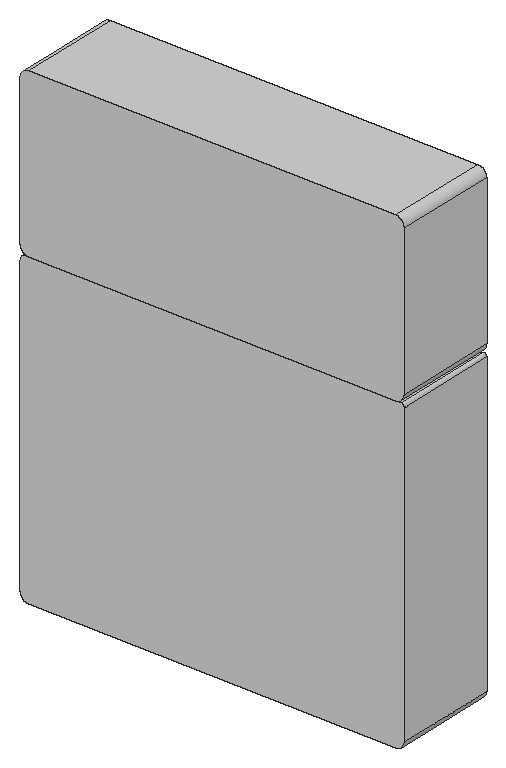
Revit family "Building-IEC309Boards-GEWISS-68QDIN-DISTRIBUTION-BOARD-20MOD_3SOCKET-OUTLETS_IB_VERT", category Attrezzatura elettrica, host Muro, Revit 2016
Family settings
  Host = Muro
  Configurazione quadro = Due colonne, circuiti in orizzontale
  Tipo di parte = Pannello comandi
  Quota connettore circolare = Usa diametro
  Numero OmniClass = 23.80.30.11.17
  Titolo OmniClass = Distribution Boards and Control Panels
  Sempre verticale = Sì
  Taglio con vuoti quando caricato = No
  Condiviso = No
  Punto di calcolo locali = No
Parameters (values of type "GW68022N - Q-DIN 20M 1S.O.BL.63A2S.O.BL.16/32A IP65")
  potenza = 400 V
  Working temperature = "-25 ÷ +40 °C"
  Voltaggio = "400V"
  Vista di pianta [instance] = yes
  Vetro = GEWISS - vetro
  Version type = "Empty"
  Version file RFA = "18.0"
  URL = "https://www.gewiss.com/ww/en"
  Thermo-pressure with ball = "70 °C"
  Technical sheet = "https://www.gewiss.com/ww/en/search?q=GW68022N"
  Struttura = GEWISS - Grigio RAL - 7035
  Simbolo Acceso [instance] = yes
  Shock resistance = "IK08"
  SEO = "Board"
  Realized by GEWISS S.p.A. = ""
  Produttore = "GEWISS S.p.A."
  Presa = GEWISS - Grigio RAL - 7035
  Operating temperature: = "-25 +40 °C"
  Offset etichetta nome quadro [instance] = 125 mm
  Numero di poli = 3
  Panel Name [instance] = "NOME"
  No. of provided blank lids = "1 IB 16/32A"
  No. of modules EN 50022 = "20"
  No. of blank lids supplied = "1 IB 16/32A"
  No. IB socket-outlets houseable = "1 IB Vert. 63A IP67 + 2 IB Vert. 16/32A IP67"
  Modello = "GW68022N"
  Lunghezza = 450 mm
  Insulation class = "II"
  Installation type = "Surface-mounting"
  Immagine tipo = GW68022N.jpg
  IP degree = "IP65"
  IFC.TypeObject = ""
  IFC.ExportType = ""
  IFC.ExportAs = ""
  IDT = "c5faa6ce-0638-4a66-bbf1-3e08dc7c6100"
  IDF = "0a978d39-9037-424a-8be2-c3a2fb2c057e"
  Houseable socket = "1 IB Vert. 63A IP67 + 2 IB Vert. 16/32A IP67"
  H_da terra = 1200 mm
  Glow Wire Test = "650°C"
  Electrocod = "2242"
  ETICHETTA NOME QUADRO [instance] = yes
  EAN code = "8011564744899"
  Distanza orizzontale del simbolo [instance] = 0 mm
  Distanza dal muro [instance] = 0 mm
  Dispersible power B (W) = "92"
  Dispersible power A (W) = "30"
  Descrizione = "Q-DIN 20M 1S.O.BL.63A2S.O.BL.16/32A IP65"
  Colour = "Grey RAL 7035"
  Classificazione carico = Altro
  Catalogue Range = "68 QDIN"
  Catalogue = "BUILDING"
  Carico apparente = 0 VA
  Cornice simbolo [instance] = no
  COBie.Tagnumber = ""
  COBie.CreatedOn = ""
  COBie.CreatebBy = ""
  COBie.ComponentRegisterItemID = ""
  COBie.Component.TagNumber = ""
  COBie.Component.Space = ""
  COBie.Component.SerialNumber = ""
  COBie.Component.InstallationDate = ""
  COBie.Component.Description = ""
  COBie.Component.BarCode = ""
  Altezza = 510 mm
  Accordance with Standards = "EN 60208 - EN 60670-1 - IEC 60670-24"
Reference planes
  plane 1 "Muro": y = 0
  plane 2 "Centro (Sinistra/Destra)": x = 125
  plane 3 "Indietro": y = 75
  plane 4: z = 1200
  plane 5: x = 125
  plane 6: y = 200
Lines and regions (mm)
  Masking region 1, visible <- "Vista di pianta"
    outline origin (0, 0, 0) x (1, 0, 0) y (0, 1, 0)
      loop
        line (-100, 175) -> (-100, 75) -> (350, 75) -> (350, 175) -> (-100, 175)
  Masking region 2
    outline origin (125, 0, 0) x (0, 1, 0) y (0, 0, 1)
      loop
        line (75, 1013) -> (175, 1013) -> (175, 1200) -> (75, 1200) -> (75, 1013)
  Masking region 3
    outline origin (125, 0, 0) x (0, 1, 0) y (0, 0, 1)
      loop
        line (75, 641) -> (195, 641) -> (195, 1005.274) -> (75, 1005.274) -> (75, 641)
Text (mm)
  text "Lato posizionamento" at (-1848.837, 1116.779, 0), in view "Livello rif."
  text "Lato posizionamento" at (0, 1409.804, 2854.306), in view "Sinistra"
  text "Lato posizionamento" at (0, 499.811, 2980.732), in view "Destra"
Dimensions and locks
  locked: plane 3 "Indietro" to host wall
  "H_da terra": level to plane 4
  "Offset etichetta nome quadro": host wall to plane 6
  "Distanza orizzontale del simbolo": plane 5 to plane 2 "Centro (Sinistra/Destra)"
  aligned and locked: plane 1 "Muro" to host wall
  aligned and locked: nested 1 to plane 3 "Indietro"
  aligned and locked: plane 4 to nested 1  (x2)
  aligned and locked: nested 2 to plane 6
  aligned and locked: plane 5 to nested 3
  aligned and locked: Masking region 2 sketch curve to nested 1  (x3)
  aligned and locked: nested 1 to Masking region 2 sketch curve
  aligned and locked: Masking region 3 sketch curve to nested 1  (x4)
  aligned and locked: plane 2 "Centro (Sinistra/Destra)" to nested 4
  aligned and locked: nested 1 to plane 2 "Centro (Sinistra/Destra)"
  aligned and locked: Masking region 1 to nested 1  (x2)
  aligned and locked: plane 4 to nested 4
Automatic sketch dimensions
  Masking region 1 sketch curve to host wall = 0 mm
  Masking region 1 sketch curve to plane 2 "Centro (Sinistra/Destra)" = 225 mm
  plane 2 "Centro (Sinistra/Destra)" to Masking region 1 sketch curve = 225 mm
  host wall to Masking region 1 sketch curve = 100 mm
Nested families
  nested 1: "QDIN20 QUADRO  X 3 PRESE IND_BASE" at (125, 75, 54.117) x (-1, 0, 0) z (0, 0, 1), type "QDIN20 QUADRO  X 3 PRESE IND"
  nested 2: "NOME QUADRO" at (125, 200, 0), TXT <- "Panel Name", visible <- "ETICHETTA NOME QUADRO", type "NOME QUADRO"
    with TXT "NOME"
  nested 3: "CENTRALINO" at (125, 116.894, 0), BORDO ACCESO <- "Cornice simbolo", SIMBOLO ACCESO <- "Simbolo Acceso", Distanza dal muro <- "Distanza dal muro", type "CENTRALINO"
    with SIMBOLO ACCESO yes, Distanza dal muro 0 mm, BORDO ACCESO no
  nested 4: "2D - QDIN20 QUADRO DISTRIB X3 PRESE IND" at (125, 0, 640) x (-1, 0, 0) z (0, -1, 0), type "BIDIMENSIONALE"
Connectors
  electrical at (125, 135, 641), driven by "Numero di poli", driven by "Classificazione carico", driven by "potenza", driven by "Carico apparente"
    settings: on nested 1, index 1, voltage 400 V, apparent load 0 VA, apparent load phase1 0 VA, apparent load phase2 0 VA, apparent load phase3 0 VA, power factor 1, load classification "Altro", number of poles 3, system type 31, power factor state 1, is connector primary yes, connector utility no, sub classification motor no, connector description ""
Definition of nested family "QDIN20 QUADRO  X 3 PRESE IND_BASE"
  Parameters (values of type "QDIN20 QUADRO  X 3 PRESE IND_BASE")
    Vetro = none
    Struttura = none
    Spessore = 120 mm
    Default Elevation = 14 mm
    Presa = none
    Lunghezza = 450 mm
    IFC.TypeObject = ""
    IFC.ExportType = ""
    IFC.ExportAs = ""
    H_da terra = 586.883 mm
    COBie.CreatedOn = ""
    COBie.CreatebBy = ""
    COBie.ComponentRegisterItemID = ""
    COBie.Component.TagNumber = ""
    COBie.Component.Space = ""
    COBie.Component.SerialNumber = ""
    COBie.Component.InstallationDate = ""
    COBie.Component.Description = ""
    COBie.Component.BarCode = ""
    Altezza = 559 mm
  Types (2, lengths in mm): name | Spessore
    QDIN20 QUADRO  X 3 PRESE IND_BASE | 120
    QDIN20 QUADRO  X 3 PRESE IND | 160
  Reference planes
    plane 1 "Centro (Fronte/Retro)": y = 0
    plane 2: z = 0
    plane 3 "Centro (Sinistra/Destra)": x = 0
    plane 4 "s": y = -100
    plane 5: z = 586.883
    plane 6: z = 1145.883
    plane 7: x = -225
    plane 8: x = 225
    plane 9: z = 958.883
    plane 10: y = -80.196
    plane 11: x = -222.597
    plane 12: x = 222.589
    plane 13: z = 988.383
    plane 14: z = 1107.347
    plane 15: y = -46.089
    plane 16: y = -87.126
    plane 17: z = 896.746
    plane 18: z = 633.624
    plane 19: x = -208
    plane 20: x = -60
    plane 21: x = 208
    plane 22: x = 105
    plane 23: z = 651.744
    plane 24: z = 871.746
    plane 25: x = 100
    plane 26: x = -3
  Forms (mm)
    Extrusion 1, solid, material <- "Struttura"
      sketch origin (0, 0, 0) x (1, 0, 0) y (0, 0, 1)
        loop
          arc (-215, 1145.883) -> (-222.071, 1142.954) -> (-225, 1135.883) r 10
          line (-225, 1135.883) -> (-225, 961.157)
          arc (-225, 961.157) -> (-222.071, 954.086) -> (-215, 951.157) r 10
          line (-215, 951.157) -> (215, 951.157)
          arc (215, 951.157) -> (222.071, 954.086) -> (225, 961.157) r 10
          line (225, 961.157) -> (225, 1135.883)
          arc (225, 1135.883) -> (222.071, 1142.954) -> (215, 1145.883) r 10
          line (215, 1145.883) -> (-215, 1145.883)
      from 0 to 120
    Extrusion 2, solid, material <- "Struttura"
      sketch origin (0, 0, 0) x (1, 0, 0) y (0, 0, 1)
        loop
          line (217.45, 951.157) -> (-221.38, 951.157)
          arc (-221.38, 951.157) -> (-223.94, 950.097) -> (-225, 947.537) r 3.62
          line (-225, 947.537) -> (-225, 596.883)
          arc (-225, 596.883) -> (-222.071, 589.812) -> (-215, 586.883) r 10
          line (-215, 586.883) -> (215, 586.883)
          arc (215, 586.883) -> (222.071, 589.812) -> (225, 596.883) r 10
          line (225, 596.883) -> (225, 943.606)
          arc (225, 943.606) -> (222.789, 948.945) -> (217.45, 951.157) r 7.55
      from 0 to 120
    Extrusion 3, void
      sketch origin (0, 0, 0) x (1, 0, 0) y (0, 0, 1)
        loop
          line (-222.597, 1107.347) -> (-222.597, 988.383) -> (222.589, 988.383) -> (222.589, 1107.347) -> (-222.597, 1107.347)
      from 46.089 to 120
    Extrusion 4, solid, material <- "Vetro", detail levels fine
      sketch origin (0, 0, 0) x (1, 0, 0) y (0, 0, 1)
        loop
          line (-222.597, 1107.347) -> (-222.597, 988.383) -> (222.589, 988.383) -> (222.589, 1107.347) -> (-222.597, 1107.347)
      from 87.126 to 120.5
    Extrusion 5, solid, material <- "Struttura", detail levels fine
      sketch origin (20, 0, 0) x (1, 0, 0) y (0, 0, 1)
        loop
          line (-213, 633.624) -> (-65, 633.624) -> (-65, 896.746) -> (-213, 896.746) -> (-213, 633.624)
      from 119 to 122
    Extrusion 6, solid, material <- "Struttura", detail levels fine
      sketch origin (-15, 0, 0) x (1, 0, 0) y (0, 0, 1)
        loop
          line (2, 651.744) -> (105, 651.744) -> (105, 871.746) -> (2, 871.746) -> (2, 651.744)
        loop
          line (213, 871.746) -> (110, 871.746) -> (110, 651.744) -> (213, 651.744) -> (213, 871.746)
      from 119 to 122
  Cuts and joins
    Extrusion 3 cuts Extrusion 1
  Dimensions and locks
    plane 4 "s" to plane 1 "Centro (Fronte/Retro)" = 100 mm  (x2)
    "H_da terra": plane 5 to level
    equal spacing: plane 7, plane 3 "Centro (Sinistra/Destra)", plane 8
    "Lunghezza": plane 7 to plane 8
    locked: plane 4 "s" to plane 10 at 19.804
    locked: plane 6 to plane 14 at 38.537
    locked: plane 13 to plane 9 at 29.5
    locked: plane 7 to plane 11 at 2.403
    locked: plane 12 to plane 8 at 2.411
    locked: plane 4 "s" to plane 15 at 53.911
    locked: plane 4 "s" to plane 16 at 12.874
    "Altezza": plane 6 to plane 5
    locked: plane 14 to plane 13 at 118.963
    locked: plane 19 to plane 7 at 17
    locked: plane 21 to plane 8 at 17
    plane 20 to plane 19 = 148 mm
    plane 21 to plane 22 = 103 mm
    plane 5 to Extrusion 6 = 284.863 mm
    aligned and locked: level to plane 2
    aligned and locked: Extrusion 1 sketch curve to plane 6
    aligned and locked: Extrusion 1 sketch curve to plane 8
    aligned and locked: Extrusion 1 sketch curve to plane 7
    aligned and locked: Extrusion 2 sketch curve to plane 8
    aligned and locked: Extrusion 2 sketch curve to plane 7
    aligned and locked: Extrusion 2 sketch curve to plane 5
    aligned and locked: Extrusion 3 sketch curve to plane 14
    aligned and locked: plane 12 to Extrusion 3 sketch curve
    aligned and locked: plane 11 to Extrusion 3 sketch curve
    aligned and locked: Extrusion 3 sketch curve to plane 13
    aligned and locked: plane 15 to cut or joined group of Extrusion 1, Extrusion 3
    aligned and locked: Extrusion 4 sketch curve to plane 14
    aligned and locked: plane 12 to Extrusion 4 sketch curve
    aligned and locked: Extrusion 4 sketch curve to plane 13
    aligned and locked: plane 11 to Extrusion 4 sketch curve
    aligned and locked: plane 16 to Extrusion 4
    aligned and locked: plane 18 to Extrusion 5 sketch curve
    aligned and locked: Extrusion 5 sketch curve to plane 17
    aligned and locked: plane 23 to Extrusion 6 sketch curve  (x2)
    aligned and locked: Extrusion 6 sketch curve to plane 24  (x2)
  Automatic sketch dimensions
    Extrusion 1 sketch curve to Extrusion 1 sketch curve = 10 mm  (x2)
    Extrusion 1 sketch curve to plane 7 = 10 mm
    plane 8 to Extrusion 1 sketch curve = 10 mm
    Extrusion 2 sketch curve to Extrusion 2 sketch curve = 3.62 mm
    Extrusion 2 sketch curve to plane 7 = 10 mm
    Extrusion 2 sketch curve to Extrusion 2 sketch curve = 10 mm
    plane 8 to Extrusion 2 sketch curve = 7.55 mm
    Extrusion 6 sketch curve to plane 22 = 10 mm
    Extrusion 6 sketch curve to plane 21 = 10 mm
    Extrusion 6 sketch curve to Extrusion 6 sketch curve = 5 mm
    plane 20 to Extrusion 5 sketch curve = 15 mm
    Extrusion 6 sketch curve to plane 3 "Centro (Sinistra/Destra)" = 13 mm
    plane 19 to Extrusion 5 sketch curve = 15 mm
    Extrusion 1 sketch curve to plane 9 = 2.274 mm
    plane 9 to Extrusion 2 sketch curve = 15.277 mm
Definition of nested family "NOME QUADRO"
  Parameters (values of type "NOME QUADRO")
    TXT [instance] = ""
  Reference planes
    plane 1: y = 0
    plane 2: x = 0
  Text (mm)
    label "NOME QUADRO" at (0.217, 0.029, 0), shows "TXT"
Definition of nested family "CENTRALINO"
  Parameters (values of type "CENTRALINO")
    SIMBOLO ACCESO [instance] = yes
    Distanza dal muro [instance] = 0 mm
    BORDO ACCESO [instance] = yes
  Reference planes
    plane 1: y = 0
    plane 2: x = 0
  Dimensions and locks
    "Distanza dal muro": plane 1 to nested 1
    aligned and locked: plane 2 to nested 1
  Nested families
    nested 1: "CENTRALINO_BASE" at (0, 0, 0), BORDO ACCESO <- "BORDO ACCESO", visible <- "SIMBOLO ACCESO", type "CENTRALINO"
      with BORDO ACCESO yes
  Definition of nested family "CENTRALINO_BASE"
    Parameters (values of type "CENTRALINO")
      Distanza dal muro = 0 mm
      BORDO ACCESO [instance] = yes
    Reference planes
      plane 1: y = 0
      plane 2: x = 0
    Lines and regions (mm)
      detail lines, visible <- "BORDO ACCESO", not visible
        curve 1: line (-2.443, 10.208, 0) -> (2.057, 10.208, 0)
        curve 2: line (2.057, 10.208, 0) -> (2.057, 4.208, 0)
        curve 3: line (2.057, 4.208, 0) -> (-2.443, 4.208, 0)
        curve 4: line (-2.443, 4.208, 0) -> (-2.443, 10.208, 0)
        curve 5: line (-2.043, 9.808, 0) -> (1.657, 9.808, 0)
        curve 6: line (1.657, 9.808, 0) -> (1.657, 4.608, 0)
        curve 7: line (1.657, 4.608, 0) -> (-2.043, 4.608, 0)
        curve 8: line (-2.043, 4.608, 0) -> (-2.043, 9.808, 0)
      detail lines
        curve 9: line (0, 0.905, 0) -> (0, 0.235, 0)
        curve 10: line (0.659, 0.905, 0) -> (0.659, 1.564, 0)
        curve 11: line (0.659, 1.564, 0) -> (-0.659, 1.564, 0)
        curve 12: line (-0.659, 1.564, 0) -> (-0.659, 0.905, 0)
        curve 13: line (-0.659, 0.905, 0) -> (0.659, 0.905, 0)
        curve 14: line (0.497, 1.564, 0) -> (0.497, 2.235, 0)
        curve 15: line (0.167, 1.564, 0) -> (0.167, 2.235, 0)
        curve 16: line (-0.162, 1.564, 0) -> (-0.162, 2.235, 0)
        curve 17: line (-0.491, 1.564, 0) -> (-0.491, 2.235, 0)
Definition of nested family "2D - QDIN20 QUADRO DISTRIB X3 PRESE IND"
  Reference planes
    plane 1 "Centro (Fronte/Retro)": y = 0
    plane 2: z = 0
    plane 3 "Centro (Sinistra/Destra)": x = 0
  Lines and regions (mm)
    model lines, in view "Livello rif."
      curve 1: line (197.291, 357.195, 0) -> (197.291, 494.197, 0)
      curve 2: line (197.291, 494.197, 0) -> (-197.291, 494.197, 0)
      curve 3: line (-197.291, 494.197, 0) -> (-197.291, 357.195, 0)
      curve 4: line (-197.291, 357.195, 0) -> (197.291, 357.195, 0)
      curve 5: line (-225, 545, 0) -> (-225, 15, 0)
      curve 6: line (-225, 15, 0) -> (-224.451, 10.981, 0)
      curve 7: line (-224.451, 10.981, 0) -> (-223.144, 7.773, 0)
      curve 8: line (-223.144, 7.773, 0) -> (-220.607, 4.393, 0)
      curve 9: line (-220.607, 4.393, 0) -> (-217.763, 2.165, 0)
      curve 10: line (-217.763, 2.165, 0) -> (-214.387, 0.656, 0)
      curve 11: line (-214.387, 0.656, 0) -> (-210, 0, 0)
      curve 12: line (-210, 0, 0) -> (210, 0, 0)
      curve 13: line (210, 0, 0) -> (214.387, 0.656, 0)
      curve 14: line (214.387, 0.656, 0) -> (217.763, 2.165, 0)
      curve 15: line (217.763, 2.165, 0) -> (220.607, 4.393, 0)
      curve 16: line (220.607, 4.393, 0) -> (223.144, 7.773, 0)
      curve 17: line (223.144, 7.773, 0) -> (224.451, 10.981, 0)
      curve 18: line (224.451, 10.981, 0) -> (225, 15, 0)
      curve 19: line (225, 15, 0) -> (225, 545, 0)
      curve 20: line (225, 545, 0) -> (224.451, 549.019, 0)
      curve 21: line (224.451, 549.019, 0) -> (223.144, 552.227, 0)
      curve 22: line (223.144, 552.227, 0) -> (220.607, 555.607, 0)
      curve 23: line (220.607, 555.607, 0) -> (217.763, 557.835, 0)
      curve 24: line (217.763, 557.835, 0) -> (214.387, 559.344, 0)
      curve 25: line (214.387, 559.344, 0) -> (210, 560, 0)
      curve 26: line (210, 560, 0) -> (-210, 560, 0)
      curve 27: line (-210, 560, 0) -> (-214.387, 559.344, 0)
      curve 28: line (-214.387, 559.344, 0) -> (-217.763, 557.835, 0)
      curve 29: line (-217.763, 557.835, 0) -> (-220.607, 555.607, 0)
      curve 30: line (-220.607, 555.607, 0) -> (-223.144, 552.227, 0)
      curve 31: line (-223.144, 552.227, 0) -> (-224.451, 549.019, 0)
      curve 32: line (-224.451, 549.019, 0) -> (-225, 545, 0)
      curve 33: line (-179.998, 467.5, 0) -> (180.002, 467.5, 0)
      curve 34: line (180.002, 467.5, 0) -> (180.002, 422.5, 0)
      curve 35: line (180.002, 422.5, 0) -> (-179.998, 422.5, 0)
      curve 36: line (-179.998, 422.5, 0) -> (-179.998, 467.5, 0)
      curve 37: line (-197.291, 379.715, 0) -> (197.291, 379.715, 0)
      curve 38: line (-35.454, 376.127, 0) -> (-35, 377.567, 0)
      curve 39: line (-35, 377.567, 0) -> (-35, 379.715, 0)
      curve 40: line (-35, 379.715, 0) -> (-35, 381.972, 0)
      curve 41: line (-35, 381.972, 0) -> (-36.201, 383.745, 0)
      curve 42: line (-36.201, 383.745, 0) -> (-38.012, 386.915, 0)
      curve 43: line (-38.012, 386.915, 0) -> (-40.77, 388.305, 0)
      curve 44: line (-40.77, 388.305, 0) -> (-43.662, 389.192, 0)
      curve 45: line (-43.662, 389.192, 0) -> (-46.027, 389.544, 0)
      curve 46: line (-46.027, 389.544, 0) -> (-47.5, 389.604, 0)
      curve 47: line (-47.5, 389.604, 0) -> (-132.5, 389.604, 0)
      curve 48: line (-132.5, 389.604, 0) -> (-133.973, 389.544, 0)
      curve 49: line (-133.973, 389.544, 0) -> (-136.338, 389.192, 0)
      curve 50: line (-136.338, 389.192, 0) -> (-139.23, 388.305, 0)
      curve 51: line (-139.23, 388.305, 0) -> (-141.988, 386.915, 0)
      curve 52: line (-141.988, 386.915, 0) -> (-143.799, 383.745, 0)
      curve 53: line (-143.799, 383.745, 0) -> (-145, 381.972, 0)
      curve 54: line (-145, 381.972, 0) -> (-145, 379.715, 0)
      curve 55: line (-145, 379.715, 0) -> (-145, 377.567, 0)
      curve 56: line (-145, 377.567, 0) -> (-144.546, 376.127, 0)
      curve 57: line (-47.5, 369.345, 0) -> (-80.224, 369.345, 0)
      curve 58: line (-35.454, 376.127, 0) -> (-33.913, 376.127, 0)
      curve 59: line (-33.913, 376.127, 0) -> (-33.63, 375.959, 0)
      curve 60: line (-33.63, 375.959, 0) -> (-35.818, 373.437, 0)
      curve 61: line (-35.818, 373.437, 0) -> (-39.198, 371.238, 0)
      curve 62: line (-39.198, 371.238, 0) -> (-42.199, 370.036, 0)
      curve 63: line (-42.199, 370.036, 0) -> (-44.774, 369.51, 0)
      curve 64: line (-44.774, 369.51, 0) -> (-47.5, 369.345, 0)
      curve 65: line (-144.182, 373.437, 0) -> (-140.802, 371.238, 0)
      curve 66: line (-140.802, 371.238, 0) -> (-137.801, 370.036, 0)
      curve 67: line (-137.801, 370.036, 0) -> (-135.226, 369.51, 0)
      curve 68: line (-135.226, 369.51, 0) -> (-132.5, 369.345, 0)
      curve 69: line (-132.5, 369.345, 0) -> (-99.776, 369.345, 0)
      curve 70: line (-144.546, 376.127, 0) -> (-146.087, 376.127, 0)
      curve 71: line (-146.087, 376.127, 0) -> (-146.37, 375.959, 0)
      curve 72: line (-146.37, 375.959, 0) -> (-144.182, 373.437, 0)
      curve 73: line (-89.99, 359.037, 0) -> (-94.782, 360.321, 0)
      curve 74: line (-94.782, 360.321, 0) -> (-98.289, 363.829, 0)
      curve 75: line (-98.289, 363.829, 0) -> (-99.573, 368.62, 0)
      curve 76: line (-99.573, 368.62, 0) -> (-98.289, 373.412, 0)
      curve 77: line (-98.289, 373.412, 0) -> (-94.782, 376.919, 0)
      curve 78: line (-94.782, 376.919, 0) -> (-89.99, 378.203, 0)
      curve 79: line (-89.99, 378.203, 0) -> (-85.198, 376.919, 0)
      curve 80: line (-85.198, 376.919, 0) -> (-81.691, 373.412, 0)
      curve 81: line (-81.691, 373.412, 0) -> (-80.407, 368.62, 0)
      curve 82: line (-80.407, 368.62, 0) -> (-81.691, 363.829, 0)
      curve 83: line (-81.691, 363.829, 0) -> (-85.198, 360.321, 0)
      curve 84: line (-85.198, 360.321, 0) -> (-89.99, 359.037, 0)
      curve 85: line (132.503, 369.345, 0) -> (99.78, 369.345, 0)
      curve 86: line (144.549, 376.127, 0) -> (146.091, 376.127, 0)
      curve 87: line (146.091, 376.127, 0) -> (146.374, 375.959, 0)
      curve 88: line (146.374, 375.959, 0) -> (144.186, 373.437, 0)
      curve 89: line (144.186, 373.437, 0) -> (140.806, 371.238, 0)
      curve 90: line (140.806, 371.238, 0) -> (137.804, 370.036, 0)
      curve 91: line (137.804, 370.036, 0) -> (135.229, 369.51, 0)
      curve 92: line (135.229, 369.51, 0) -> (132.503, 369.345, 0)
      curve 93: line (35.821, 373.437, 0) -> (39.201, 371.238, 0)
      curve 94: line (39.201, 371.238, 0) -> (42.203, 370.036, 0)
      curve 95: line (42.203, 370.036, 0) -> (44.778, 369.51, 0)
      curve 96: line (44.778, 369.51, 0) -> (47.503, 369.345, 0)
      curve 97: line (47.503, 369.345, 0) -> (80.227, 369.345, 0)
      curve 98: line (35.458, 376.127, 0) -> (33.916, 376.127, 0)
      curve 99: line (33.916, 376.127, 0) -> (33.633, 375.959, 0)
      curve 100: line (33.633, 375.959, 0) -> (35.821, 373.437, 0)
      curve 101: line (35.458, 376.127, 0) -> (35.003, 377.567, 0)
      curve 102: line (35.003, 377.567, 0) -> (35.003, 379.715, 0)
      curve 103: line (35.003, 379.715, 0) -> (35.003, 381.972, 0)
      curve 104: line (35.003, 381.972, 0) -> (36.204, 383.745, 0)
      curve 105: line (36.204, 383.745, 0) -> (38.016, 386.915, 0)
      curve 106: line (38.016, 386.915, 0) -> (40.773, 388.305, 0)
      curve 107: line (40.773, 388.305, 0) -> (43.665, 389.192, 0)
      curve 108: line (43.665, 389.192, 0) -> (46.031, 389.544, 0)
      curve 109: line (46.031, 389.544, 0) -> (47.503, 389.604, 0)
      curve 110: line (47.503, 389.604, 0) -> (132.503, 389.604, 0)
      curve 111: line (132.503, 389.604, 0) -> (133.976, 389.544, 0)
      curve 112: line (133.976, 389.544, 0) -> (136.342, 389.192, 0)
      curve 113: line (136.342, 389.192, 0) -> (139.234, 388.305, 0)
      curve 114: line (139.234, 388.305, 0) -> (141.991, 386.915, 0)
      curve 115: line (141.991, 386.915, 0) -> (143.803, 383.745, 0)
      curve 116: line (143.803, 383.745, 0) -> (145.003, 381.972, 0)
      curve 117: line (145.003, 381.972, 0) -> (145.003, 379.715, 0)
      curve 118: line (145.003, 379.715, 0) -> (145.003, 377.567, 0)
      curve 119: line (145.003, 377.567, 0) -> (144.549, 376.127, 0)
      curve 120: line (90.014, 359.037, 0) -> (85.222, 360.321, 0)
      curve 121: line (85.222, 360.321, 0) -> (81.714, 363.829, 0)
      curve 122: line (81.714, 363.829, 0) -> (80.43, 368.62, 0)
      curve 123: line (80.43, 368.62, 0) -> (81.714, 373.412, 0)
      curve 124: line (81.714, 373.412, 0) -> (85.222, 376.919, 0)
      curve 125: line (85.222, 376.919, 0) -> (90.014, 378.203, 0)
      curve 126: line (90.014, 378.203, 0) -> (94.805, 376.919, 0)
      curve 127: line (94.805, 376.919, 0) -> (98.313, 373.412, 0)
      curve 128: line (98.313, 373.412, 0) -> (99.597, 368.62, 0)
      curve 129: line (99.597, 368.62, 0) -> (98.313, 363.829, 0)
      curve 130: line (98.313, 363.829, 0) -> (94.805, 360.321, 0)
      curve 131: line (94.805, 360.321, 0) -> (90.014, 359.037, 0)
      curve 132: line (0.073, 277.851, 0) -> (1.371, 277.503, 0)
      curve 133: line (1.371, 277.503, 0) -> (2.322, 276.553, 0)
      curve 134: line (2.322, 276.553, 0) -> (2.67, 275.255, 0)
      curve 135: line (2.67, 275.255, 0) -> (2.322, 273.957, 0)
      curve 136: line (2.322, 273.957, 0) -> (1.371, 273.006, 0)
      curve 137: line (1.371, 273.006, 0) -> (0.073, 272.658, 0)
      curve 138: line (0.073, 272.658, 0) -> (-1.225, 273.006, 0)
      curve 139: line (-1.225, 273.006, 0) -> (-2.175, 273.957, 0)
      curve 140: line (-2.175, 273.957, 0) -> (-2.523, 275.255, 0)
      curve 141: line (-2.523, 275.255, 0) -> (-2.175, 276.553, 0)
      curve 142: line (-2.175, 276.553, 0) -> (-1.225, 277.503, 0)
      curve 143: line (-1.225, 277.503, 0) -> (0.073, 277.851, 0)
      curve 144: line (92.75, 71.569, 0) -> (92.75, 277.325, 0)
      curve 145: line (92.75, 277.325, 0) -> (92.233, 279.987, 0)
      curve 146: line (92.233, 279.987, 0) -> (90.663, 282.361, 0)
      curve 147: line (90.663, 282.361, 0) -> (88.505, 283.84, 0)
      curve 148: line (88.505, 283.84, 0) -> (85.626, 284.448, 0)
      curve 149: line (85.626, 284.448, 0) -> (-3.144, 284.448, 0)
      curve 150: line (-3.144, 284.448, 0) -> (-6.022, 283.84, 0)
      curve 151: line (-6.022, 283.84, 0) -> (-8.18, 282.361, 0)
      curve 152: line (-8.18, 282.361, 0) -> (-9.75, 279.987, 0)
      curve 153: line (-9.75, 279.987, 0) -> (-10.267, 277.325, 0)
      curve 154: line (-10.267, 277.325, 0) -> (-10.267, 71.569, 0)
      curve 155: line (-10.267, 71.569, 0) -> (-9.75, 68.906, 0)
      curve 156: line (-9.75, 68.906, 0) -> (-8.18, 66.532, 0)
      curve 157: line (-8.18, 66.532, 0) -> (-6.022, 65.053, 0)
      curve 158: line (-6.022, 65.053, 0) -> (-3.144, 64.446, 0)
      curve 159: line (-3.144, 64.446, 0) -> (85.626, 64.446, 0)
      curve 160: line (85.626, 64.446, 0) -> (88.505, 65.053, 0)
      curve 161: line (88.505, 65.053, 0) -> (90.663, 66.532, 0)
      curve 162: line (90.663, 66.532, 0) -> (92.233, 68.906, 0)
      curve 163: line (92.233, 68.906, 0) -> (92.75, 71.569, 0)
      curve 164: line (82.409, 277.851, 0) -> (81.111, 277.503, 0)
      curve 165: line (81.111, 277.503, 0) -> (80.161, 276.553, 0)
      curve 166: line (80.161, 276.553, 0) -> (79.813, 275.255, 0)
      curve 167: line (79.813, 275.255, 0) -> (80.161, 273.957, 0)
      curve 168: line (80.161, 273.957, 0) -> (81.111, 273.006, 0)
      curve 169: line (81.111, 273.006, 0) -> (82.409, 272.658, 0)
      curve 170: line (82.409, 272.658, 0) -> (83.708, 273.006, 0)
      curve 171: line (83.708, 273.006, 0) -> (84.658, 273.957, 0)
      curve 172: line (84.658, 273.957, 0) -> (85.006, 275.255, 0)
      curve 173: line (85.006, 275.255, 0) -> (84.658, 276.553, 0)
      curve 174: line (84.658, 276.553, 0) -> (83.708, 277.503, 0)
      curve 175: line (83.708, 277.503, 0) -> (82.409, 277.851, 0)
      curve 176: line (0.073, 71.042, 0) -> (1.371, 71.39, 0)
      curve 177: line (1.371, 71.39, 0) -> (2.322, 72.341, 0)
      curve 178: line (2.322, 72.341, 0) -> (2.67, 73.639, 0)
      curve 179: line (2.67, 73.639, 0) -> (2.322, 74.937, 0)
      curve 180: line (2.322, 74.937, 0) -> (1.371, 75.887, 0)
      curve 181: line (1.371, 75.887, 0) -> (0.073, 76.235, 0)
      curve 182: line (0.073, 76.235, 0) -> (-1.225, 75.887, 0)
      curve 183: line (-1.225, 75.887, 0) -> (-2.175, 74.937, 0)
      curve 184: line (-2.175, 74.937, 0) -> (-2.523, 73.639, 0)
      curve 185: line (-2.523, 73.639, 0) -> (-2.175, 72.341, 0)
      curve 186: line (-2.175, 72.341, 0) -> (-1.225, 71.39, 0)
      curve 187: line (-1.225, 71.39, 0) -> (0.073, 71.042, 0)
      curve 188: line (82.409, 71.042, 0) -> (81.111, 71.39, 0)
      curve 189: line (81.111, 71.39, 0) -> (80.161, 72.341, 0)
      curve 190: line (80.161, 72.341, 0) -> (79.813, 73.639, 0)
      curve 191: line (79.813, 73.639, 0) -> (80.161, 74.937, 0)
      curve 192: line (80.161, 74.937, 0) -> (81.111, 75.887, 0)
      curve 193: line (81.111, 75.887, 0) -> (82.409, 76.235, 0)
      curve 194: line (82.409, 76.235, 0) -> (83.708, 75.887, 0)
      curve 195: line (83.708, 75.887, 0) -> (84.658, 74.937, 0)
      curve 196: line (84.658, 74.937, 0) -> (85.006, 73.639, 0)
      curve 197: line (85.006, 73.639, 0) -> (84.658, 72.341, 0)
      curve 198: line (84.658, 72.341, 0) -> (83.708, 71.39, 0)
      curve 199: line (83.708, 71.39, 0) -> (82.409, 71.042, 0)
      curve 200: line (106.623, 277.851, 0) -> (107.921, 277.503, 0)
      curve 201: line (107.921, 277.503, 0) -> (108.872, 276.553, 0)
      curve 202: line (108.872, 276.553, 0) -> (109.22, 275.255, 0)
      curve 203: line (109.22, 275.255, 0) -> (108.872, 273.957, 0)
      curve 204: line (108.872, 273.957, 0) -> (107.921, 273.006, 0)
      curve 205: line (107.921, 273.006, 0) -> (106.623, 272.658, 0)
      curve 206: line (106.623, 272.658, 0) -> (105.325, 273.006, 0)
      curve 207: line (105.325, 273.006, 0) -> (104.375, 273.957, 0)
      curve 208: line (104.375, 273.957, 0) -> (104.027, 275.255, 0)
      curve 209: line (104.027, 275.255, 0) -> (104.375, 276.553, 0)
      curve 210: line (104.375, 276.553, 0) -> (105.325, 277.503, 0)
      curve 211: line (105.325, 277.503, 0) -> (106.623, 277.851, 0)
      curve 212: line (199.299, 71.569, 0) -> (199.299, 277.325, 0)
      curve 213: line (199.299, 277.325, 0) -> (198.783, 279.987, 0)
      curve 214: line (198.783, 279.987, 0) -> (197.213, 282.361, 0)
      curve 215: line (197.213, 282.361, 0) -> (195.055, 283.84, 0)
      curve 216: line (195.055, 283.84, 0) -> (192.176, 284.448, 0)
      curve 217: line (192.176, 284.448, 0) -> (103.406, 284.448, 0)
      curve 218: line (103.406, 284.448, 0) -> (100.527, 283.84, 0)
      curve 219: line (100.527, 283.84, 0) -> (98.37, 282.361, 0)
      curve 220: line (98.37, 282.361, 0) -> (96.8, 279.987, 0)
      curve 221: line (96.8, 279.987, 0) -> (96.283, 277.325, 0)
      curve 222: line (96.283, 277.325, 0) -> (96.283, 71.569, 0)
      curve 223: line (96.283, 71.569, 0) -> (96.8, 68.906, 0)
      curve 224: line (96.8, 68.906, 0) -> (98.37, 66.532, 0)
      curve 225: line (98.37, 66.532, 0) -> (100.527, 65.053, 0)
      curve 226: line (100.527, 65.053, 0) -> (103.406, 64.446, 0)
      curve 227: line (103.406, 64.446, 0) -> (192.176, 64.446, 0)
      curve 228: line (192.176, 64.446, 0) -> (195.055, 65.053, 0)
      curve 229: line (195.055, 65.053, 0) -> (197.213, 66.532, 0)
      curve 230: line (197.213, 66.532, 0) -> (198.783, 68.906, 0)
      curve 231: line (198.783, 68.906, 0) -> (199.299, 71.569, 0)
      curve 232: line (188.959, 277.851, 0) -> (187.661, 277.503, 0)
      curve 233: line (187.661, 277.503, 0) -> (186.711, 276.553, 0)
      curve 234: line (186.711, 276.553, 0) -> (186.363, 275.255, 0)
      curve 235: line (186.363, 275.255, 0) -> (186.711, 273.957, 0)
      curve 236: line (186.711, 273.957, 0) -> (187.661, 273.006, 0)
      curve 237: line (187.661, 273.006, 0) -> (188.959, 272.658, 0)
      curve 238: line (188.959, 272.658, 0) -> (190.258, 273.006, 0)
      curve 239: line (190.258, 273.006, 0) -> (191.208, 273.957, 0)
      curve 240: line (191.208, 273.957, 0) -> (191.556, 275.255, 0)
      curve 241: line (191.556, 275.255, 0) -> (191.208, 276.553, 0)
      curve 242: line (191.208, 276.553, 0) -> (190.258, 277.503, 0)
      curve 243: line (190.258, 277.503, 0) -> (188.959, 277.851, 0)
      curve 244: line (106.623, 71.042, 0) -> (107.921, 71.39, 0)
      curve 245: line (107.921, 71.39, 0) -> (108.872, 72.341, 0)
      curve 246: line (108.872, 72.341, 0) -> (109.22, 73.639, 0)
      curve 247: line (109.22, 73.639, 0) -> (108.872, 74.937, 0)
      curve 248: line (108.872, 74.937, 0) -> (107.921, 75.887, 0)
      curve 249: line (107.921, 75.887, 0) -> (106.623, 76.235, 0)
      curve 250: line (106.623, 76.235, 0) -> (105.325, 75.887, 0)
      curve 251: line (105.325, 75.887, 0) -> (104.375, 74.937, 0)
      curve 252: line (104.375, 74.937, 0) -> (104.027, 73.639, 0)
      curve 253: line (104.027, 73.639, 0) -> (104.375, 72.341, 0)
      curve 254: line (104.375, 72.341, 0) -> (105.325, 71.39, 0)
      curve 255: line (105.325, 71.39, 0) -> (106.623, 71.042, 0)
      curve 256: line (188.959, 71.042, 0) -> (187.661, 71.39, 0)
      curve 257: line (187.661, 71.39, 0) -> (186.711, 72.341, 0)
      curve 258: line (186.711, 72.341, 0) -> (186.363, 73.639, 0)
      curve 259: line (186.363, 73.639, 0) -> (186.711, 74.937, 0)
      curve 260: line (186.711, 74.937, 0) -> (187.661, 75.887, 0)
      curve 261: line (187.661, 75.887, 0) -> (188.959, 76.235, 0)
      curve 262: line (188.959, 76.235, 0) -> (190.258, 75.887, 0)
      curve 263: line (190.258, 75.887, 0) -> (191.208, 74.937, 0)
      curve 264: line (191.208, 74.937, 0) -> (191.556, 73.639, 0)
      curve 265: line (191.556, 73.639, 0) -> (191.208, 72.341, 0)
      curve 266: line (191.208, 72.341, 0) -> (190.258, 71.39, 0)
      curve 267: line (190.258, 71.39, 0) -> (188.959, 71.042, 0)
      curve 268: line (-182.872, 305.223, 0) -> (-181.574, 304.875, 0)
      curve 269: line (-181.574, 304.875, 0) -> (-180.624, 303.924, 0)
      curve 270: line (-180.624, 303.924, 0) -> (-180.276, 302.626, 0)
      curve 271: line (-180.276, 302.626, 0) -> (-180.624, 301.328, 0)
      curve 272: line (-180.624, 301.328, 0) -> (-181.574, 300.378, 0)
      curve 273: line (-181.574, 300.378, 0) -> (-182.872, 300.03, 0)
      curve 274: line (-182.872, 300.03, 0) -> (-184.171, 300.378, 0)
      curve 275: line (-184.171, 300.378, 0) -> (-185.121, 301.328, 0)
      curve 276: line (-185.121, 301.328, 0) -> (-185.469, 302.626, 0)
      curve 277: line (-185.469, 302.626, 0) -> (-185.121, 303.924, 0)
      curve 278: line (-185.121, 303.924, 0) -> (-184.171, 304.875, 0)
      curve 279: line (-184.171, 304.875, 0) -> (-182.872, 305.223, 0)
      curve 280: line (-45.196, 48.94, 0) -> (-45.196, 304.696, 0)
      curve 281: line (-45.196, 304.696, 0) -> (-45.712, 307.359, 0)
      curve 282: line (-45.712, 307.359, 0) -> (-47.282, 309.733, 0)
      curve 283: line (-47.282, 309.733, 0) -> (-49.44, 311.212, 0)
      curve 284: line (-49.44, 311.212, 0) -> (-52.319, 311.819, 0)
      curve 285: line (-52.319, 311.819, 0) -> (-186.089, 311.819, 0)
      curve 286: line (-186.089, 311.819, 0) -> (-188.968, 311.212, 0)
      curve 287: line (-188.968, 311.212, 0) -> (-191.126, 309.733, 0)
      curve 288: line (-191.126, 309.733, 0) -> (-192.696, 307.359, 0)
      curve 289: line (-192.696, 307.359, 0) -> (-193.212, 304.696, 0)
      curve 290: line (-193.212, 304.696, 0) -> (-193.212, 48.94, 0)
      curve 291: line (-193.212, 48.94, 0) -> (-192.696, 46.278, 0)
      curve 292: line (-192.696, 46.278, 0) -> (-191.126, 43.904, 0)
      curve 293: line (-191.126, 43.904, 0) -> (-188.968, 42.425, 0)
      curve 294: line (-188.968, 42.425, 0) -> (-186.089, 41.817, 0)
      curve 295: line (-186.089, 41.817, 0) -> (-52.319, 41.817, 0)
      curve 296: line (-52.319, 41.817, 0) -> (-49.44, 42.425, 0)
      curve 297: line (-49.44, 42.425, 0) -> (-47.282, 43.904, 0)
      curve 298: line (-47.282, 43.904, 0) -> (-45.712, 46.278, 0)
      curve 299: line (-45.712, 46.278, 0) -> (-45.196, 48.94, 0)
      curve 300: line (-55.536, 305.223, 0) -> (-56.834, 304.875, 0)
      curve 301: line (-56.834, 304.875, 0) -> (-57.785, 303.924, 0)
      curve 302: line (-57.785, 303.924, 0) -> (-58.132, 302.626, 0)
      curve 303: line (-58.132, 302.626, 0) -> (-57.785, 301.328, 0)
      curve 304: line (-57.785, 301.328, 0) -> (-56.834, 300.378, 0)
      curve 305: line (-56.834, 300.378, 0) -> (-55.536, 300.03, 0)
      curve 306: line (-55.536, 300.03, 0) -> (-54.238, 300.378, 0)
      curve 307: line (-54.238, 300.378, 0) -> (-53.288, 301.328, 0)
      curve 308: line (-53.288, 301.328, 0) -> (-52.94, 302.626, 0)
      curve 309: line (-52.94, 302.626, 0) -> (-53.288, 303.924, 0)
      curve 310: line (-53.288, 303.924, 0) -> (-54.238, 304.875, 0)
      curve 311: line (-54.238, 304.875, 0) -> (-55.536, 305.223, 0)
      curve 312: line (-182.872, 48.414, 0) -> (-181.574, 48.762, 0)
      curve 313: line (-181.574, 48.762, 0) -> (-180.624, 49.712, 0)
      curve 314: line (-180.624, 49.712, 0) -> (-180.276, 51.01, 0)
      curve 315: line (-180.276, 51.01, 0) -> (-180.624, 52.308, 0)
      curve 316: line (-180.624, 52.308, 0) -> (-181.574, 53.259, 0)
      curve 317: line (-181.574, 53.259, 0) -> (-182.872, 53.607, 0)
      curve 318: line (-182.872, 53.607, 0) -> (-184.171, 53.259, 0)
      curve 319: line (-184.171, 53.259, 0) -> (-185.121, 52.308, 0)
      curve 320: line (-185.121, 52.308, 0) -> (-185.469, 51.01, 0)
      curve 321: line (-185.469, 51.01, 0) -> (-185.121, 49.712, 0)
      curve 322: line (-185.121, 49.712, 0) -> (-184.171, 48.762, 0)
      curve 323: line (-184.171, 48.762, 0) -> (-182.872, 48.414, 0)
      curve 324: line (-55.536, 48.414, 0) -> (-56.834, 48.762, 0)
      curve 325: line (-56.834, 48.762, 0) -> (-57.785, 49.712, 0)
      curve 326: line (-57.785, 49.712, 0) -> (-58.132, 51.01, 0)
      curve 327: line (-58.132, 51.01, 0) -> (-57.785, 52.308, 0)
      curve 328: line (-57.785, 52.308, 0) -> (-56.834, 53.259, 0)
      curve 329: line (-56.834, 53.259, 0) -> (-55.536, 53.607, 0)
      curve 330: line (-55.536, 53.607, 0) -> (-54.238, 53.259, 0)
      curve 331: line (-54.238, 53.259, 0) -> (-53.288, 52.308, 0)
      curve 332: line (-53.288, 52.308, 0) -> (-52.94, 51.01, 0)
      curve 333: line (-52.94, 51.01, 0) -> (-53.288, 49.712, 0)
      curve 334: line (-53.288, 49.712, 0) -> (-54.238, 48.762, 0)
      curve 335: line (-54.238, 48.762, 0) -> (-55.536, 48.414, 0)
      curve 336: line (-119.204, 41.817, 0) -> (-107.704, 41.817, 0)
